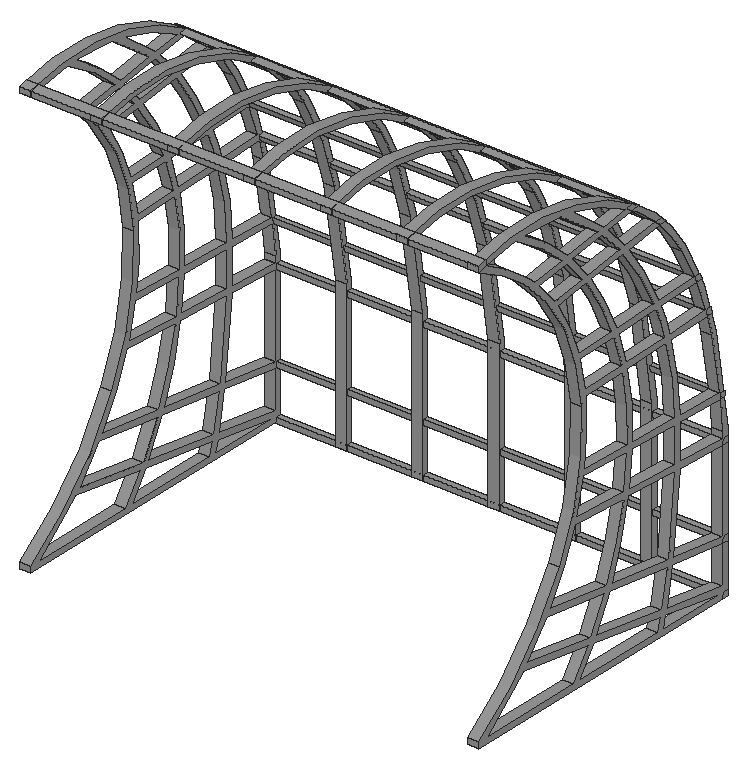
Revit family "Шпалера-навес для скамейки «Сидней» Арт 15189", category Антураж, Revit 2018
Family settings
  На основе рабочей плоскости = Нет
  Всегда вертикально = Да
  При загрузке вырезать с полостями = Нет
  Источник визуального образа = Геометрия семейства
  Общий = Нет
  Точка расчета площади = Нет
Parameters (values of type "Стандарт")
  Ширина = 1410 mm  # constant formula
  Цвет каркаса = Сталь
  Описание = "Шпалера-навес для скамейки «Сидней»"  # constant formula
  Материал изделия = "Сталь"  # constant formula
  Изображение типоразмера = Шпалера-навес для скамейки «Сидней» Арт 15189.jpg
  Изготовитель = "ООО «Хоббика»"  # constant formula
  Длина = 2080 mm  # constant formula
  Группа модели = "Садовые скамейки"  # constant formula
  Высота = 2000 mm  # constant formula
  Артикул товара = "Арт. 15189"  # constant formula
  URL = "https://hobbyka.ru/product/pergolanaves_dlya_skameyki_sidney/"
Reference planes
  plane 1 "По центру (Вперед/Назад)": y = 0
  plane 2: z = 0
  plane 3 "По центру (Влево/Вправо)": x = 0
  plane 4: x = 2080
  plane 5: y = 1410
  plane 6: z = 2000
Forms (mm)
  Extrusion 1, solid, material "Сталь" <- "Цвет каркаса"
    sketch origin (0, 0, 0) x (0, 1, 0) y (0, 0, 1)
      loop
        line (1410, 0) -> (1410, 680)
        arc (1410, 680) -> (1383.68, 893.648) -> (1343.256, 1105.081) r 3245.825
        arc (1343.256, 1105.081) -> (1275.145, 1322.929) -> (1172.81, 1526.949) r 1411.368
        arc (1172.81, 1526.949) -> (1050.321, 1686.173) -> (896.071, 1814.871) r 916.103
        arc (896.071, 1814.871) -> (463.472, 1983.295) -> (0, 1956.795) r 1091.984
        line (0, 1956.795) -> (0, 1930.822)
        arc (0, 1930.822) -> (133.655, 1861.148) -> (256.12, 1773.282) r 1063.725
        arc (256.12, 1773.282) -> (485.63, 1486.186) -> (582.994, 1131.757) r 910.914
        arc (582.994, 1131.757) -> (561.6, 825.297) -> (459.447, 535.571) r 1144.295
        arc (459.447, 535.571) -> (262.985, 250.354) -> (0, 25) r 1340.286
        line (0, 25) -> (0, 0) -> (1410, 0)
      loop
        arc (882.256, 1794.035) -> (875.953, 1798.182) -> (869.62, 1802.285) r 1066.984
        line (869.62, 1802.285) -> (730.804, 1782.775)
        arc (730.804, 1782.775) -> (781.489, 1730.403) -> (829.238, 1675.341) r 1333.835
        line (829.238, 1675.341) -> (1004.186, 1696.822)
        arc (1004.186, 1696.822) -> (945.352, 1748.101) -> (882.256, 1794.035) r 891.103
      loop
        arc (1151.443, 1513.97) -> (1093.755, 1597.757) -> (1026.893, 1674.422) r 891.103
        line (1026.893, 1674.422) -> (847.631, 1652.412)
        arc (847.631, 1652.412) -> (941.163, 1516.622) -> (1017.227, 1370.329) r 1333.835
        line (1017.227, 1370.329) -> (1224.218, 1377.558)
        arc (1224.218, 1377.558) -> (1189.734, 1446.779) -> (1151.443, 1513.97) r 1386.368
      loop
        arc (1318.87, 1099.574) -> (1307.959, 1144.409) -> (1295.563, 1188.855) r 1386.368
        line (1295.563, 1188.855) -> (1085.988, 1181.537)
        arc (1085.988, 1181.537) -> (1124.713, 1018.402) -> (1137.016, 851.186) r 1051.576
        line (1137.016, 851.186) -> (1365.947, 843.191)
        arc (1365.947, 843.191) -> (1345.003, 971.859) -> (1318.87, 1099.574) r 3220.825
      loop
        line (1385, 50.312) -> (1385, 225) -> (1094.963, 265.762)
        arc (1094.963, 265.762) -> (1082.173, 182.933) -> (1063.462, 101.238) r 1165.227
        line (1063.462, 101.238) -> (1385, 50.312)
      loop
        line (1385, 25) -> (1056.702, 76.997)
        arc (1056.702, 76.997) -> (1048.79, 50.902) -> (1040.268, 25) r 1165.227
        line (1040.268, 25) -> (1385, 25)
      loop
        arc (272.097, 1792.511) -> (296.21, 1771.775) -> (319.604, 1750.231) r 935.914
        line (319.604, 1750.231) -> (475.585, 1772.152)
        arc (475.585, 1772.152) -> (348.417, 1879.424) -> (207.815, 1968.362) r 1217.786
        arc (207.815, 1968.362) -> (122.493, 1958.085) -> (38.275, 1940.974) r 1066.984
        arc (38.275, 1940.974) -> (159.926, 1874.209) -> (272.097, 1792.511) r 1088.725
      loop
        arc (481.695, 524.169) -> (443.762, 455.138) -> (401.912, 388.41) r 1365.286
        line (401.912, 388.41) -> (726.182, 342.837)
        arc (726.182, 342.837) -> (781.808, 496.062) -> (819.594, 654.632) r 1426.867
        line (819.594, 654.632) -> (544.008, 669.075)
        arc (544.008, 669.075) -> (515.298, 595.57) -> (481.695, 524.169) r 1169.295
      loop
        arc (607.941, 1133.38) -> (609.059, 1001.384) -> (595.293, 870.103) r 1169.295
        line (595.293, 870.103) -> (842.148, 861.483)
        arc (842.148, 861.483) -> (840.574, 1017.829) -> (814.975, 1172.073) r 1013.691
        line (814.975, 1172.073) -> (605.37, 1164.753)
        arc (605.37, 1164.753) -> (606.787, 1149.077) -> (607.941, 1133.38) r 935.914
      loop
        line (1385, 625) -> (1136.56, 638.02)
        arc (1136.56, 638.02) -> (1126.243, 463.323) -> (1100.052, 290.292) r 1918.646
        line (1100.052, 290.292) -> (1385, 250.246) -> (1385, 625)
      loop
        line (1369.417, 818.055) -> (1136.575, 826.186) -> (1136.575, 663.054) -> (1385, 650.034) -> (1385, 678.879)
        arc (1385, 678.879) -> (1377.965, 748.552) -> (1369.417, 818.055) r 3220.825
      loop
        line (1235.35, 1352.931) -> (1028.873, 1345.721)
        arc (1028.873, 1345.721) -> (1058.795, 1277.623) -> (1080.057, 1206.345) r 599.766
        line (1080.057, 1206.345) -> (1287.961, 1213.605)
        arc (1287.961, 1213.605) -> (1263.528, 1283.975) -> (1235.35, 1352.931) r 1386.368
      loop
        arc (445.143, 1602.992) -> (515.011, 1483.293) -> (566.435, 1354.587) r 935.914
        line (566.435, 1354.587) -> (754.545, 1361.156)
        arc (754.545, 1361.156) -> (688.666, 1496.568) -> (606.578, 1622.814) r 1217.786
        line (606.578, 1622.814) -> (445.143, 1602.992)
      loop
        line (428.686, 1626.159) -> (589.056, 1645.85)
        arc (589.056, 1645.85) -> (544.936, 1699.241) -> (497.853, 1750.036) r 1217.786
        line (497.853, 1750.036) -> (342.026, 1728.136)
        arc (342.026, 1728.136) -> (387.181, 1678.699) -> (428.686, 1626.159) r 935.914
      loop
        arc (836.303, 1822.848) -> (687.209, 1896.106) -> (528.55, 1945.335) r 1066.984
        arc (528.55, 1945.335) -> (621.163, 1878.891) -> (707.764, 1804.783) r 1333.835
        line (707.764, 1804.783) -> (836.303, 1822.848)
      loop
        line (602.568, 1189.67) -> (808.952, 1196.877)
        arc (808.952, 1196.877) -> (788.778, 1267.352) -> (764.4, 1336.485) r 1217.786
        line (764.4, 1336.485) -> (573.882, 1329.832)
        arc (573.882, 1329.832) -> (590.907, 1260.3) -> (602.568, 1189.67) r 935.914
      loop
        arc (590.98, 845.238) -> (574.209, 768.808) -> (552.364, 693.671) r 1169.295
        line (552.364, 693.671) -> (823.802, 679.445)
        arc (823.802, 679.445) -> (834.157, 757.765) -> (840.162, 836.537) r 1426.867
        line (840.162, 836.537) -> (590.98, 845.238)
      loop
        arc (386.179, 365.375) -> (332.759, 293.943) -> (274.788, 226.152) r 1365.286
        line (274.788, 226.152) -> (636.902, 168.799)
        arc (636.902, 168.799) -> (678.547, 242.757) -> (715.721, 319.061) r 1426.867
        line (715.721, 319.061) -> (386.179, 365.375)
      loop
        arc (254.197, 204.102) -> (154.006, 109.253) -> (44.754, 25) r 1365.286
        line (44.754, 25) -> (537.712, 25)
        arc (537.712, 25) -> (581.767, 84.269) -> (622.697, 145.737) r 1426.867
        line (622.697, 145.737) -> (254.197, 204.102)
      loop
        arc (254.104, 1971.043) -> (386.708, 1881.928) -> (506.784, 1776.537) r 1242.786
        line (506.784, 1776.537) -> (675.708, 1800.278)
        arc (675.708, 1800.278) -> (571.786, 1884.963) -> (459.746, 1958.574) r 1308.835
        arc (459.746, 1958.574) -> (357.227, 1969.783) -> (254.104, 1971.043) r 1066.984
      loop
        arc (790.816, 1337.408) -> (814.718, 1268.232) -> (834.506, 1197.77) r 1242.786
        line (834.506, 1197.77) -> (1054.579, 1205.455)
        arc (1054.579, 1205.455) -> (1032.382, 1276.845) -> (1001.108, 1344.751) r 574.766
        line (1001.108, 1344.751) -> (790.816, 1337.408)
      loop
        arc (840.49, 1172.964) -> (865.67, 1017.798) -> (867.146, 860.61) r 1038.691
        line (867.146, 860.61) -> (1112.021, 852.058)
        arc (1112.021, 852.058) -> (1099.399, 1018.465) -> (1059.981, 1180.628) r 1026.576
        line (1059.981, 1180.628) -> (840.49, 1172.964)
      loop
        arc (865.149, 835.664) -> (859.178, 756.675) -> (848.908, 678.13) r 1451.867
        line (848.908, 678.13) -> (1111.575, 664.364) -> (1111.575, 827.059) -> (865.149, 835.664)
      loop
        arc (844.751, 653.313) -> (807.172, 493.644) -> (751.823, 339.233) r 1451.867
        line (751.823, 339.233) -> (1075.256, 293.777)
        arc (1075.256, 293.777) -> (1101.358, 465.719) -> (1111.575, 639.33) r 1893.646
        line (1111.575, 639.33) -> (844.751, 653.313)
      loop
        arc (741.492, 315.439) -> (704.709, 238.871) -> (663.512, 164.584) r 1451.867
        line (663.512, 164.584) -> (1038.632, 105.171)
        arc (1038.632, 105.171) -> (1057.426, 186.628) -> (1070.2, 269.242) r 1140.227
        line (1070.2, 269.242) -> (741.492, 315.439)
      loop
        arc (649.514, 141.49) -> (610.835, 82.268) -> (569.317, 25) r 1451.867
        line (569.317, 25) -> (1013.813, 25)
        arc (1013.813, 25) -> (1023.172, 52.854) -> (1031.81, 80.94) r 1140.227
        line (1031.81, 80.94) -> (649.514, 141.49)
      loop
        arc (635.018, 1626.306) -> (716.145, 1498.651) -> (781.164, 1362.086) r 1242.786
        line (781.164, 1362.086) -> (990.252, 1369.387)
        arc (990.252, 1369.387) -> (913.189, 1514.514) -> (818.549, 1648.841) r 1308.835
        line (818.549, 1648.841) -> (635.018, 1626.306)
      loop
        line (617.882, 1649.39) -> (799.747, 1671.72)
        arc (799.747, 1671.72) -> (751.049, 1726.444) -> (699.366, 1778.357) r 1308.835
        line (699.366, 1778.357) -> (528.466, 1754.339)
        arc (528.466, 1754.339) -> (574.631, 1703.105) -> (617.882, 1649.39) r 1242.786
    from 0 to 50
  Extrusion 2, solid, material "Сталь" <- "Цвет каркаса"
    sketch origin (0, 0, 0) x (0, 1, 0) y (0, 0, 1)
      loop
        line (1410, 0) -> (1410, 680)
        arc (1410, 680) -> (1383.68, 893.648) -> (1343.256, 1105.081) r 3245.825
        arc (1343.256, 1105.081) -> (1275.145, 1322.929) -> (1172.81, 1526.949) r 1411.368
        arc (1172.81, 1526.949) -> (1050.321, 1686.173) -> (896.071, 1814.871) r 916.103
        arc (896.071, 1814.871) -> (463.472, 1983.295) -> (0, 1956.795) r 1091.984
        line (0, 1956.795) -> (0, 1930.822)
        arc (0, 1930.822) -> (456.123, 1959.142) -> (882.256, 1794.035) r 1066.984
        arc (882.256, 1794.035) -> (1032.296, 1668.849) -> (1151.443, 1513.97) r 891.103
        arc (1151.443, 1513.97) -> (1251.966, 1313.564) -> (1318.87, 1099.574) r 1386.368
        arc (1318.87, 1099.574) -> (1358.896, 890.321) -> (1385, 678.879) r 3220.825
        line (1385, 678.879) -> (1385, 0) -> (1410, 0)
    from 321.667 to 371.667
  Extrusion 3, solid, material "Сталь" <- "Цвет каркаса"
    sketch origin (0, 0, 0) x (0, 1, 0) y (0, 0, 1)
      loop
        line (1410, 0) -> (1410, 680)
        arc (1410, 680) -> (1383.68, 893.648) -> (1343.256, 1105.081) r 3245.825
        arc (1343.256, 1105.081) -> (1275.145, 1322.929) -> (1172.81, 1526.949) r 1411.368
        arc (1172.81, 1526.949) -> (1050.321, 1686.173) -> (896.071, 1814.871) r 916.103
        arc (896.071, 1814.871) -> (463.472, 1983.295) -> (0, 1956.795) r 1091.984
        line (0, 1956.795) -> (0, 1930.822)
        arc (0, 1930.822) -> (456.123, 1959.142) -> (882.256, 1794.035) r 1066.984
        arc (882.256, 1794.035) -> (1032.296, 1668.849) -> (1151.443, 1513.97) r 891.103
        arc (1151.443, 1513.97) -> (1251.966, 1313.564) -> (1318.87, 1099.574) r 1386.368
        arc (1318.87, 1099.574) -> (1358.896, 890.321) -> (1385, 678.879) r 3220.825
        line (1385, 678.879) -> (1385, 0) -> (1410, 0)
    from 1708.333 to 1758.333
  Extrusion 4, solid, material "Сталь" <- "Цвет каркаса"
    sketch origin (0, 0, 0) x (0, 1, 0) y (0, 0, 1)
      loop
        line (1410, 0) -> (1410, 680)
        arc (1410, 680) -> (1383.68, 893.648) -> (1343.256, 1105.081) r 3245.825
        arc (1343.256, 1105.081) -> (1275.145, 1322.929) -> (1172.81, 1526.949) r 1411.368
        arc (1172.81, 1526.949) -> (1050.321, 1686.173) -> (896.071, 1814.871) r 916.103
        arc (896.071, 1814.871) -> (463.472, 1983.295) -> (0, 1956.795) r 1091.984
        line (0, 1956.795) -> (0, 1930.822)
        arc (0, 1930.822) -> (456.123, 1959.142) -> (882.256, 1794.035) r 1066.984
        arc (882.256, 1794.035) -> (1032.296, 1668.849) -> (1151.443, 1513.97) r 891.103
        arc (1151.443, 1513.97) -> (1251.966, 1313.564) -> (1318.87, 1099.574) r 1386.368
        arc (1318.87, 1099.574) -> (1358.896, 890.321) -> (1385, 678.879) r 3220.825
        line (1385, 678.879) -> (1385, 0) -> (1410, 0)
    from 1361.667 to 1411.667
  Extrusion 5, solid, material "Сталь" <- "Цвет каркаса"
    sketch origin (0, 0, 0) x (0, 1, 0) y (0, 0, 1)
      loop
        line (1410, 0) -> (1410, 680)
        arc (1410, 680) -> (1383.68, 893.648) -> (1343.256, 1105.081) r 3245.825
        arc (1343.256, 1105.081) -> (1275.145, 1322.929) -> (1172.81, 1526.949) r 1411.368
        arc (1172.81, 1526.949) -> (1050.321, 1686.173) -> (896.071, 1814.871) r 916.103
        arc (896.071, 1814.871) -> (463.472, 1983.295) -> (0, 1956.795) r 1091.984
        line (0, 1956.795) -> (0, 1930.822)
        arc (0, 1930.822) -> (456.123, 1959.142) -> (882.256, 1794.035) r 1066.984
        arc (882.256, 1794.035) -> (1032.296, 1668.849) -> (1151.443, 1513.97) r 891.103
        arc (1151.443, 1513.97) -> (1251.966, 1313.564) -> (1318.87, 1099.574) r 1386.368
        arc (1318.87, 1099.574) -> (1358.896, 890.321) -> (1385, 678.879) r 3220.825
        line (1385, 678.879) -> (1385, 0) -> (1410, 0)
    from 1015 to 1065
  Extrusion 6, solid, material "Сталь" <- "Цвет каркаса"
    sketch origin (0, 0, 0) x (0, 1, 0) y (0, 0, 1)
      loop
        line (1410, 0) -> (1410, 680)
        arc (1410, 680) -> (1383.68, 893.648) -> (1343.256, 1105.081) r 3245.825
        arc (1343.256, 1105.081) -> (1275.145, 1322.929) -> (1172.81, 1526.949) r 1411.368
        arc (1172.81, 1526.949) -> (1050.321, 1686.173) -> (896.071, 1814.871) r 916.103
        arc (896.071, 1814.871) -> (463.472, 1983.295) -> (0, 1956.795) r 1091.984
        line (0, 1956.795) -> (0, 1930.822)
        arc (0, 1930.822) -> (456.123, 1959.142) -> (882.256, 1794.035) r 1066.984
        arc (882.256, 1794.035) -> (1032.296, 1668.849) -> (1151.443, 1513.97) r 891.103
        arc (1151.443, 1513.97) -> (1251.966, 1313.564) -> (1318.87, 1099.574) r 1386.368
        arc (1318.87, 1099.574) -> (1358.896, 890.321) -> (1385, 678.879) r 3220.825
        line (1385, 678.879) -> (1385, 0) -> (1410, 0)
    from 668.333 to 718.333
  Extrusion 7, solid, material "Сталь" <- "Цвет каркаса"
    sketch origin (0, 0, 0) x (0, 1, 0) y (0, 0, 1)
      loop
        line (1410, 0) -> (1410, 680)
        arc (1410, 680) -> (1383.68, 893.648) -> (1343.256, 1105.081) r 3245.825
        arc (1343.256, 1105.081) -> (1275.145, 1322.929) -> (1172.81, 1526.949) r 1411.368
        arc (1172.81, 1526.949) -> (1050.321, 1686.173) -> (896.071, 1814.871) r 916.103
        arc (896.071, 1814.871) -> (463.472, 1983.295) -> (0, 1956.795) r 1091.984
        line (0, 1956.795) -> (0, 1930.822)
        arc (0, 1930.822) -> (133.655, 1861.148) -> (256.12, 1773.282) r 1063.725
        arc (256.12, 1773.282) -> (485.63, 1486.186) -> (582.994, 1131.757) r 910.914
        arc (582.994, 1131.757) -> (561.6, 825.297) -> (459.447, 535.571) r 1144.295
        arc (459.447, 535.571) -> (262.985, 250.354) -> (0, 25) r 1340.286
        line (0, 25) -> (0, 0) -> (1410, 0)
      loop
        arc (882.256, 1794.035) -> (875.953, 1798.182) -> (869.62, 1802.285) r 1066.984
        line (869.62, 1802.285) -> (730.804, 1782.775)
        arc (730.804, 1782.775) -> (781.489, 1730.403) -> (829.238, 1675.341) r 1333.835
        line (829.238, 1675.341) -> (1004.186, 1696.822)
        arc (1004.186, 1696.822) -> (945.352, 1748.101) -> (882.256, 1794.035) r 891.103
      loop
        arc (1151.443, 1513.97) -> (1093.755, 1597.757) -> (1026.893, 1674.422) r 891.103
        line (1026.893, 1674.422) -> (847.631, 1652.412)
        arc (847.631, 1652.412) -> (941.163, 1516.622) -> (1017.227, 1370.329) r 1333.835
        line (1017.227, 1370.329) -> (1224.218, 1377.558)
        arc (1224.218, 1377.558) -> (1189.734, 1446.779) -> (1151.443, 1513.97) r 1386.368
      loop
        arc (1318.87, 1099.574) -> (1307.959, 1144.409) -> (1295.563, 1188.855) r 1386.368
        line (1295.563, 1188.855) -> (1085.988, 1181.537)
        arc (1085.988, 1181.537) -> (1124.713, 1018.402) -> (1137.016, 851.186) r 1051.576
        line (1137.016, 851.186) -> (1365.947, 843.191)
        arc (1365.947, 843.191) -> (1345.003, 971.859) -> (1318.87, 1099.574) r 3220.825
      loop
        line (1385, 50.312) -> (1385, 225) -> (1094.963, 265.762)
        arc (1094.963, 265.762) -> (1082.173, 182.933) -> (1063.462, 101.238) r 1165.227
        line (1063.462, 101.238) -> (1385, 50.312)
      loop
        line (1385, 25) -> (1056.702, 76.997)
        arc (1056.702, 76.997) -> (1048.79, 50.902) -> (1040.268, 25) r 1165.227
        line (1040.268, 25) -> (1385, 25)
      loop
        arc (272.097, 1792.511) -> (296.21, 1771.775) -> (319.604, 1750.231) r 935.914
        line (319.604, 1750.231) -> (475.585, 1772.152)
        arc (475.585, 1772.152) -> (348.417, 1879.424) -> (207.815, 1968.362) r 1217.786
        arc (207.815, 1968.362) -> (122.493, 1958.085) -> (38.275, 1940.974) r 1066.984
        arc (38.275, 1940.974) -> (159.926, 1874.209) -> (272.097, 1792.511) r 1088.725
      loop
        arc (481.695, 524.169) -> (443.762, 455.138) -> (401.912, 388.41) r 1365.286
        line (401.912, 388.41) -> (726.182, 342.837)
        arc (726.182, 342.837) -> (781.808, 496.062) -> (819.594, 654.632) r 1426.867
        line (819.594, 654.632) -> (544.008, 669.075)
        arc (544.008, 669.075) -> (515.298, 595.57) -> (481.695, 524.169) r 1169.295
      loop
        arc (607.941, 1133.38) -> (609.059, 1001.384) -> (595.293, 870.103) r 1169.295
        line (595.293, 870.103) -> (842.148, 861.483)
        arc (842.148, 861.483) -> (840.574, 1017.829) -> (814.975, 1172.073) r 1013.691
        line (814.975, 1172.073) -> (605.37, 1164.753)
        arc (605.37, 1164.753) -> (606.787, 1149.077) -> (607.941, 1133.38) r 935.914
      loop
        line (1385, 625) -> (1136.56, 638.02)
        arc (1136.56, 638.02) -> (1126.243, 463.323) -> (1100.052, 290.292) r 1918.646
        line (1100.052, 290.292) -> (1385, 250.246) -> (1385, 625)
      loop
        line (1369.417, 818.055) -> (1136.575, 826.186) -> (1136.575, 663.054) -> (1385, 650.034) -> (1385, 678.879)
        arc (1385, 678.879) -> (1377.965, 748.552) -> (1369.417, 818.055) r 3220.825
      loop
        line (1235.35, 1352.931) -> (1028.873, 1345.721)
        arc (1028.873, 1345.721) -> (1058.795, 1277.623) -> (1080.057, 1206.345) r 599.766
        line (1080.057, 1206.345) -> (1287.961, 1213.605)
        arc (1287.961, 1213.605) -> (1263.528, 1283.975) -> (1235.35, 1352.931) r 1386.368
      loop
        arc (445.143, 1602.992) -> (515.011, 1483.293) -> (566.435, 1354.587) r 935.914
        line (566.435, 1354.587) -> (754.545, 1361.156)
        arc (754.545, 1361.156) -> (688.666, 1496.568) -> (606.578, 1622.814) r 1217.786
        line (606.578, 1622.814) -> (445.143, 1602.992)
      loop
        line (428.686, 1626.159) -> (589.056, 1645.85)
        arc (589.056, 1645.85) -> (544.936, 1699.241) -> (497.853, 1750.036) r 1217.786
        line (497.853, 1750.036) -> (342.026, 1728.136)
        arc (342.026, 1728.136) -> (387.181, 1678.699) -> (428.686, 1626.159) r 935.914
      loop
        arc (836.303, 1822.848) -> (687.209, 1896.106) -> (528.55, 1945.335) r 1066.984
        arc (528.55, 1945.335) -> (621.163, 1878.891) -> (707.764, 1804.783) r 1333.835
        line (707.764, 1804.783) -> (836.303, 1822.848)
      loop
        line (602.568, 1189.67) -> (808.952, 1196.877)
        arc (808.952, 1196.877) -> (788.778, 1267.352) -> (764.4, 1336.485) r 1217.786
        line (764.4, 1336.485) -> (573.882, 1329.832)
        arc (573.882, 1329.832) -> (590.907, 1260.3) -> (602.568, 1189.67) r 935.914
      loop
        arc (590.98, 845.238) -> (574.209, 768.808) -> (552.364, 693.671) r 1169.295
        line (552.364, 693.671) -> (823.802, 679.445)
        arc (823.802, 679.445) -> (834.157, 757.765) -> (840.162, 836.537) r 1426.867
        line (840.162, 836.537) -> (590.98, 845.238)
      loop
        arc (386.179, 365.375) -> (332.759, 293.943) -> (274.788, 226.152) r 1365.286
        line (274.788, 226.152) -> (636.902, 168.799)
        arc (636.902, 168.799) -> (678.547, 242.757) -> (715.721, 319.061) r 1426.867
        line (715.721, 319.061) -> (386.179, 365.375)
      loop
        arc (254.197, 204.102) -> (154.006, 109.253) -> (44.754, 25) r 1365.286
        line (44.754, 25) -> (537.712, 25)
        arc (537.712, 25) -> (581.767, 84.269) -> (622.697, 145.737) r 1426.867
        line (622.697, 145.737) -> (254.197, 204.102)
      loop
        arc (254.104, 1971.043) -> (386.708, 1881.928) -> (506.784, 1776.537) r 1242.786
        line (506.784, 1776.537) -> (675.708, 1800.278)
        arc (675.708, 1800.278) -> (571.786, 1884.963) -> (459.746, 1958.574) r 1308.835
        arc (459.746, 1958.574) -> (357.227, 1969.783) -> (254.104, 1971.043) r 1066.984
      loop
        arc (790.816, 1337.408) -> (814.718, 1268.232) -> (834.506, 1197.77) r 1242.786
        line (834.506, 1197.77) -> (1054.579, 1205.455)
        arc (1054.579, 1205.455) -> (1032.382, 1276.845) -> (1001.108, 1344.751) r 574.766
        line (1001.108, 1344.751) -> (790.816, 1337.408)
      loop
        arc (840.49, 1172.964) -> (865.67, 1017.798) -> (867.146, 860.61) r 1038.691
        line (867.146, 860.61) -> (1112.021, 852.058)
        arc (1112.021, 852.058) -> (1099.399, 1018.465) -> (1059.981, 1180.628) r 1026.576
        line (1059.981, 1180.628) -> (840.49, 1172.964)
      loop
        arc (865.149, 835.664) -> (859.178, 756.675) -> (848.908, 678.13) r 1451.867
        line (848.908, 678.13) -> (1111.575, 664.364) -> (1111.575, 827.059) -> (865.149, 835.664)
      loop
        arc (844.751, 653.313) -> (807.172, 493.644) -> (751.823, 339.233) r 1451.867
        line (751.823, 339.233) -> (1075.256, 293.777)
        arc (1075.256, 293.777) -> (1101.358, 465.719) -> (1111.575, 639.33) r 1893.646
        line (1111.575, 639.33) -> (844.751, 653.313)
      loop
        arc (741.492, 315.439) -> (704.709, 238.871) -> (663.512, 164.584) r 1451.867
        line (663.512, 164.584) -> (1038.632, 105.171)
        arc (1038.632, 105.171) -> (1057.426, 186.628) -> (1070.2, 269.242) r 1140.227
        line (1070.2, 269.242) -> (741.492, 315.439)
      loop
        arc (649.514, 141.49) -> (610.835, 82.268) -> (569.317, 25) r 1451.867
        line (569.317, 25) -> (1013.813, 25)
        arc (1013.813, 25) -> (1023.172, 52.854) -> (1031.81, 80.94) r 1140.227
        line (1031.81, 80.94) -> (649.514, 141.49)
      loop
        arc (635.018, 1626.306) -> (716.145, 1498.651) -> (781.164, 1362.086) r 1242.786
        line (781.164, 1362.086) -> (990.252, 1369.387)
        arc (990.252, 1369.387) -> (913.189, 1514.514) -> (818.549, 1648.841) r 1308.835
        line (818.549, 1648.841) -> (635.018, 1626.306)
      loop
        line (617.882, 1649.39) -> (799.747, 1671.72)
        arc (799.747, 1671.72) -> (751.049, 1726.444) -> (699.366, 1778.357) r 1308.835
        line (699.366, 1778.357) -> (528.466, 1754.339)
        arc (528.466, 1754.339) -> (574.631, 1703.105) -> (617.882, 1649.39) r 1242.786
    from 2030 to 2080
  Extrusion 8, solid, material "Сталь" <- "Цвет каркаса"
    sketch origin (0, 0, 0) x (0, 1, 0) y (0, 0, 1)
      loop
        line (1410, 0) -> (1410, 25) -> (1385, 25) -> (1385, 0) -> (1410, 0)
      loop
        line (1385, 250.246) -> (1385, 225) -> (1410, 225) -> (1410, 250.246) -> (1385, 250.246)
      loop
        line (1410, 648.724) -> (1385, 650.034) -> (1385, 625) -> (1410, 623.69) -> (1410, 648.724)
      loop
        arc (1365.947, 843.191) -> (1367.707, 830.626) -> (1369.417, 818.055) r 3220.825
        line (1369.417, 818.055) -> (1394.757, 817.17)
        arc (1394.757, 817.17) -> (1393.064, 829.741) -> (1391.321, 842.305) r 3245.825
        line (1391.321, 842.305) -> (1365.947, 843.191)
      loop
        arc (1287.961, 1213.605) -> (1291.82, 1201.248) -> (1295.563, 1188.855) r 1386.368
        line (1295.563, 1188.855) -> (1321.358, 1189.756)
        arc (1321.358, 1189.756) -> (1317.678, 1202.15) -> (1313.885, 1214.51) r 1411.368
        line (1313.885, 1214.51) -> (1287.961, 1213.605)
      loop
        line (1251.295, 1378.503) -> (1224.218, 1377.558)
        arc (1224.218, 1377.558) -> (1229.844, 1365.271) -> (1235.35, 1352.931) r 1386.368
        line (1235.35, 1352.931) -> (1262.215, 1353.869)
        arc (1262.215, 1353.869) -> (1256.814, 1366.212) -> (1251.295, 1378.503) r 1411.368
      loop
        arc (1004.186, 1696.822) -> (1015.64, 1685.724) -> (1026.893, 1674.422) r 891.103
        line (1026.893, 1674.422) -> (1057.869, 1678.226)
        arc (1057.869, 1678.226) -> (1047.038, 1689.571) -> (1036.014, 1700.73) r 916.103
        line (1036.014, 1700.73) -> (1004.186, 1696.822)
      loop
        arc (836.303, 1822.848) -> (853.056, 1812.719) -> (869.62, 1802.285) r 1066.984
        line (869.62, 1802.285) -> (906.989, 1807.537)
        arc (906.989, 1807.537) -> (891.22, 1818.068) -> (875.271, 1828.325) r 1091.984
        line (875.271, 1828.325) -> (836.303, 1822.848)
      loop
        arc (0, 1930.822) -> (19.091, 1936.076) -> (38.275, 1940.974) r 1066.984
        line (38.275, 1940.974) -> (38.275, 1966.699)
        arc (38.275, 1966.699) -> (19.093, 1961.92) -> (0, 1956.795) r 1091.984
        line (0, 1956.795) -> (0, 1930.822)
    from 0 to 2080
Dimensions and locks
  "Длина": plane 3 "По центру (Влево/Вправо)" to plane 4
  "Ширина": plane 5 to plane 1 "По центру (Вперед/Назад)"
  "Высота": plane 6 to plane 2
  aligned and locked: level to plane 2
Automatic sketch dimensions
  Extrusion 1 sketch curve to Extrusion 1 sketch curve = 0 mm  (x267)
  Extrusion 1 sketch curve to plane 1 "По центру (Вперед/Назад)" = 0 mm  (x2)
  Extrusion 1 sketch curve to level = 0 mm
  Extrusion 1 sketch curve to plane 5 = 0 mm
  plane 1 "По центру (Вперед/Назад)" to Extrusion 1 sketch curve = 33.452 mm
  plane 1 "По центру (Вперед/Назад)" to Extrusion 1 sketch curve = 62.264 mm
  plane 1 "По центру (Вперед/Назад)" to Extrusion 1 sketch curve = 169.26 mm
  Extrusion 1 sketch curve to Extrusion 1 sketch curve = 32.71 mm
  Extrusion 1 sketch curve to Extrusion 1 sketch curve = 156.74 mm
  Extrusion 1 sketch curve to Extrusion 1 sketch curve = 45.367 mm
  Extrusion 1 sketch curve to Extrusion 1 sketch curve = 52.287 mm
  Extrusion 1 sketch curve to Extrusion 1 sketch curve = 135.235 mm
  Extrusion 1 sketch curve to Extrusion 1 sketch curve = 26.146 mm
  Extrusion 1 sketch curve to Extrusion 1 sketch curve = 174.418 mm
  Extrusion 1 sketch curve to Extrusion 1 sketch curve = 196.879 mm
  level to Extrusion 1 sketch curve = 390.174 mm
  Extrusion 1 sketch curve to Extrusion 1 sketch curve = 1040.945 mm
  level to Extrusion 1 sketch curve = 25 mm  (x2)
  Extrusion 1 sketch curve to Extrusion 1 sketch curve = 44.754 mm
  Extrusion 1 sketch curve to plane 1 "По центру (Вперед/Назад)" = 85.462 mm
  level to Extrusion 1 sketch curve = 204.102 mm
  Extrusion 1 sketch curve to plane 1 "По центру (Вперед/Назад)" = 254.197 mm
  Extrusion 1 sketch curve to Extrusion 1 sketch curve = 20.591 mm
  Extrusion 1 sketch curve to Extrusion 1 sketch curve = 207.186 mm
  Extrusion 1 sketch curve to plane 1 "По центру (Вперед/Назад)" = 319.604 mm
  Extrusion 1 sketch curve to Extrusion 1 sketch curve = 22.422 mm
  Extrusion 1 sketch curve to Extrusion 1 sketch curve = 111.391 mm
  Extrusion 1 sketch curve to Extrusion 1 sketch curve = 97.191 mm
  Extrusion 1 sketch curve to Extrusion 1 sketch curve = 15.733 mm
  Extrusion 1 sketch curve to Extrusion 1 sketch curve = 86.66 mm
  Extrusion 1 sketch curve to Extrusion 1 sketch curve = 16.457 mm
  Extrusion 1 sketch curve to plane 6 = 227.848 mm
  Extrusion 1 sketch curve to Extrusion 1 sketch curve = 133.559 mm
  Extrusion 1 sketch curve to Extrusion 1 sketch curve = 105.954 mm
  Extrusion 1 sketch curve to plane 6 = 249.964 mm
  Extrusion 1 sketch curve to Extrusion 1 sketch curve = 22.268 mm
  Extrusion 1 sketch curve to plane 6 = 223.463 mm
  Extrusion 1 sketch curve to Extrusion 1 sketch curve = 8.931 mm
  Extrusion 1 sketch curve to plane 6 = 245.661 mm
  Extrusion 1 sketch curve to Extrusion 1 sketch curve = 30.613 mm
  Extrusion 1 sketch curve to Extrusion 1 sketch curve = 262.924 mm
  Extrusion 1 sketch curve to Extrusion 1 sketch curve = 142.096 mm
  Extrusion 1 sketch curve to Extrusion 1 sketch curve = 8.356 mm
  Extrusion 1 sketch curve to Extrusion 1 sketch curve = 121.293 mm
  Extrusion 1 sketch curve to Extrusion 1 sketch curve = 31.605 mm
  Extrusion 1 sketch curve to Extrusion 1 sketch curve = 7.447 mm
  Extrusion 1 sketch curve to plane 6 = 354.15 mm
  Extrusion 1 sketch curve to Extrusion 1 sketch curve = 60.59 mm
  Extrusion 1 sketch curve to Extrusion 1 sketch curve = 38.616 mm
  Extrusion 1 sketch curve to Extrusion 1 sketch curve = 4.313 mm
  Extrusion 1 sketch curve to Extrusion 1 sketch curve = 28.686 mm
  Extrusion 1 sketch curve to Extrusion 1 sketch curve = 2.802 mm
  Extrusion 1 sketch curve to Extrusion 1 sketch curve = 17.523 mm
  Extrusion 1 sketch curve to plane 6 = 350.61 mm
  level to Extrusion 1 sketch curve = 145.737 mm
  Extrusion 1 sketch curve to Extrusion 1 sketch curve = 53.38 mm
  Extrusion 1 sketch curve to Extrusion 1 sketch curve = 28.44 mm
  level to Extrusion 1 sketch curve = 168.799 mm
  Extrusion 1 sketch curve to Extrusion 1 sketch curve = 14.205 mm
  level to Extrusion 1 sketch curve = 141.49 mm
  Extrusion 1 sketch curve to Extrusion 1 sketch curve = 26.817 mm
  level to Extrusion 1 sketch curve = 164.584 mm
  Extrusion 1 sketch curve to Extrusion 1 sketch curve = 26.61 mm
  Extrusion 1 sketch curve to plane 6 = 199.722 mm
  Extrusion 1 sketch curve to Extrusion 1 sketch curve = 147.242 mm
  Extrusion 1 sketch curve to plane 6 = 221.643 mm
  Extrusion 1 sketch curve to Extrusion 1 sketch curve = 23.658 mm
  Extrusion 1 sketch curve to plane 6 = 195.217 mm
  Extrusion 1 sketch curve to Extrusion 1 sketch curve = 8.399 mm
  level to Extrusion 1 sketch curve = 319.061 mm
  Extrusion 1 sketch curve to Extrusion 1 sketch curve = 10.461 mm
  Extrusion 1 sketch curve to plane 6 = 217.225 mm
  Extrusion 1 sketch curve to Extrusion 1 sketch curve = 31.438 mm
  level to Extrusion 1 sketch curve = 315.439 mm
  Extrusion 1 sketch curve to Extrusion 1 sketch curve = 25.641 mm
  Extrusion 1 sketch curve to Extrusion 1 sketch curve = 180.664 mm
  Extrusion 1 sketch curve to Extrusion 1 sketch curve = 9.855 mm
  Extrusion 1 sketch curve to Extrusion 1 sketch curve = 26.619 mm
  Extrusion 1 sketch curve to Extrusion 1 sketch curve = 26.416 mm
  Extrusion 1 sketch curve to plane 6 = 328.28 mm
  Extrusion 1 sketch curve to Extrusion 1 sketch curve = 68.943 mm
  Extrusion 1 sketch curve to Extrusion 1 sketch curve = 18.136 mm
  Extrusion 1 sketch curve to Extrusion 1 sketch curve = 6.023 mm
  Extrusion 1 sketch curve to Extrusion 1 sketch curve = 18.802 mm
  Extrusion 1 sketch curve to Extrusion 1 sketch curve = 267.23 mm
  Extrusion 1 sketch curve to Extrusion 1 sketch curve = 4.207 mm
  Extrusion 1 sketch curve to plane 6 = 324.659 mm
  Extrusion 1 sketch curve to Extrusion 1 sketch curve = 25.555 mm
  Extrusion 1 sketch curve to plane 6 = 177.152 mm
  Extrusion 1 sketch curve to Extrusion 1 sketch curve = 105.499 mm
  Extrusion 1 sketch curve to Extrusion 1 sketch curve = 16.36 mm
  Extrusion 1 sketch curve to Extrusion 1 sketch curve = 5.984 mm
  Extrusion 1 sketch curve to Extrusion 1 sketch curve = 1.987 mm
  Extrusion 1 sketch curve to Extrusion 1 sketch curve = 25.157 mm
  Extrusion 1 sketch curve to Extrusion 1 sketch curve = 29.081 mm
  Extrusion 1 sketch curve to Extrusion 1 sketch curve = 25.106 mm
  Extrusion 1 sketch curve to Extrusion 1 sketch curve = 24.987 mm
  Extrusion 1 sketch curve to Extrusion 1 sketch curve = 24.997 mm
  Extrusion 1 sketch curve to plane 6 = 197.715 mm
  Extrusion 1 sketch curve to Extrusion 1 sketch curve = 33.316 mm
  Extrusion 1 sketch curve to Extrusion 1 sketch curve = 199.436 mm
  Extrusion 1 sketch curve to Extrusion 1 sketch curve = 10.856 mm
  Extrusion 1 sketch curve to Extrusion 1 sketch curve = 156.556 mm
  Extrusion 1 sketch curve to Extrusion 1 sketch curve = 350.301 mm
  Extrusion 1 sketch curve to Extrusion 1 sketch curve = 26.975 mm
  Extrusion 1 sketch curve to Extrusion 1 sketch curve = 22.707 mm
  Extrusion 1 sketch curve to Extrusion 1 sketch curve = 11.646 mm
  level to Extrusion 1 sketch curve = 80.94 mm
  Extrusion 1 sketch curve to Extrusion 1 sketch curve = 17.997 mm
  level to Extrusion 1 sketch curve = 105.171 mm
  Extrusion 1 sketch curve to Extrusion 1 sketch curve = 6.822 mm
  Extrusion 1 sketch curve to Extrusion 1 sketch curve = 26.456 mm
  Extrusion 1 sketch curve to Extrusion 1 sketch curve = 25.706 mm
  level to Extrusion 1 sketch curve = 76.997 mm
  Extrusion 1 sketch curve to Extrusion 1 sketch curve = 24.893 mm
  Extrusion 1 sketch curve to Extrusion 1 sketch curve = 5.402 mm
  level to Extrusion 1 sketch curve = 101.238 mm
  Extrusion 1 sketch curve to Extrusion 1 sketch curve = 24.829 mm
  level to Extrusion 1 sketch curve = 269.242 mm
  Extrusion 1 sketch curve to Extrusion 1 sketch curve = 5.055 mm
  Extrusion 1 sketch curve to Extrusion 1 sketch curve = 25.478 mm
  Extrusion 1 sketch curve to Extrusion 1 sketch curve = 5.932 mm
  level to Extrusion 1 sketch curve = 265.762 mm
  Extrusion 1 sketch curve to Extrusion 1 sketch curve = 24.796 mm
  Extrusion 1 sketch curve to Extrusion 1 sketch curve = 262.667 mm
  Extrusion 1 sketch curve to Extrusion 1 sketch curve = 0.446 mm
  Extrusion 1 sketch curve to Extrusion 1 sketch curve = 24.985 mm
  Extrusion 1 sketch curve to Extrusion 1 sketch curve = 25 mm  (x3)
  Extrusion 1 sketch curve to Extrusion 1 sketch curve = 0.441 mm
  Extrusion 1 sketch curve to plane 5 = 185.782 mm
  Extrusion 1 sketch curve to Extrusion 1 sketch curve = 11.132 mm
  Extrusion 1 sketch curve to plane 5 = 122.039 mm
  Extrusion 1 sketch curve to Extrusion 1 sketch curve = 7.601 mm
  Extrusion 1 sketch curve to plane 5 = 44.053 mm
  Extrusion 1 sketch curve to Extrusion 1 sketch curve = 3.47 mm
  Extrusion 1 sketch curve to plane 5 = 25 mm  (x4)
  Extrusion 1 sketch curve to Extrusion 1 sketch curve = 25.312 mm
  Extrusion 1 sketch curve to Extrusion 1 sketch curve = 174.688 mm
  Extrusion 1 sketch curve to Extrusion 1 sketch curve = 22.05 mm
  Extrusion 1 sketch curve to Extrusion 1 sketch curve = 25.246 mm
  Extrusion 1 sketch curve to Extrusion 1 sketch curve = 24.531 mm
  Extrusion 1 sketch curve to Extrusion 1 sketch curve = 3.485 mm
  Extrusion 1 sketch curve to Extrusion 1 sketch curve = 23.794 mm
  Extrusion 1 sketch curve to Extrusion 1 sketch curve = 3.604 mm
  Extrusion 1 sketch curve to Extrusion 1 sketch curve = 23.035 mm
  Extrusion 1 sketch curve to Extrusion 1 sketch curve = 374.754 mm
  Extrusion 1 sketch curve to Extrusion 1 sketch curve = 13.02 mm
  Extrusion 1 sketch curve to Extrusion 1 sketch curve = 25.034 mm  (x3)
  Extrusion 1 sketch curve to Extrusion 1 sketch curve = 14.443 mm
  Extrusion 1 sketch curve to Extrusion 1 sketch curve = 24.816 mm
  Extrusion 1 sketch curve to Extrusion 1 sketch curve = 28.845 mm
  Extrusion 1 sketch curve to Extrusion 1 sketch curve = 1.316 mm
  Extrusion 1 sketch curve to Extrusion 1 sketch curve = 1.121 mm
  Extrusion 1 sketch curve to Extrusion 1 sketch curve = 24.596 mm
  Extrusion 1 sketch curve to Extrusion 1 sketch curve = 35.113 mm
  Extrusion 1 sketch curve to Extrusion 1 sketch curve = 163.132 mm
  Extrusion 1 sketch curve to Extrusion 1 sketch curve = 0.873 mm  (x2)
  Extrusion 1 sketch curve to Extrusion 1 sketch curve = 25.136 mm
  Extrusion 1 sketch curve to Extrusion 1 sketch curve = 151.567 mm
  Extrusion 1 sketch curve to Extrusion 1 sketch curve = 63.652 mm
  Extrusion 1 sketch curve to Extrusion 1 sketch curve = 24.945 mm
  Extrusion 1 sketch curve to Extrusion 1 sketch curve = 24.865 mm
  Extrusion 1 sketch curve to Extrusion 1 sketch curve = 46.882 mm
  Extrusion 1 sketch curve to Extrusion 1 sketch curve = 100.145 mm
  Extrusion 1 sketch curve to Extrusion 1 sketch curve = 57.98 mm
  Extrusion 1 sketch curve to Extrusion 1 sketch curve = 146.589 mm
  Extrusion 1 sketch curve to Extrusion 1 sketch curve = 19.524 mm
  Extrusion 1 sketch curve to Extrusion 1 sketch curve = 117.537 mm
  Extrusion 1 sketch curve to Extrusion 1 sketch curve = 31.373 mm
  Extrusion 1 sketch curve to Extrusion 1 sketch curve = 89.281 mm
  Extrusion 1 sketch curve to Extrusion 1 sketch curve = 24.917 mm
  Extrusion 1 sketch curve to Extrusion 1 sketch curve = 24.805 mm
  Extrusion 1 sketch curve to Extrusion 1 sketch curve = 24.806 mm
  Extrusion 1 sketch curve to Extrusion 1 sketch curve = 24.827 mm
  Extrusion 1 sketch curve to Extrusion 1 sketch curve = 0.89 mm
  Extrusion 1 sketch curve to Extrusion 1 sketch curve = 24.75 mm
  Extrusion 1 sketch curve to Extrusion 1 sketch curve = 24.755 mm
  Extrusion 1 sketch curve to Extrusion 1 sketch curve = 24.671 mm
  Extrusion 1 sketch curve to Extrusion 1 sketch curve = 24.678 mm
  Extrusion 1 sketch curve to Extrusion 1 sketch curve = 24.636 mm
  Extrusion 1 sketch curve to Extrusion 1 sketch curve = 0.942 mm
  Extrusion 1 sketch curve to Extrusion 1 sketch curve = 24.627 mm
  Extrusion 1 sketch curve to Extrusion 1 sketch curve = 23.167 mm
  Extrusion 1 sketch curve to Extrusion 1 sketch curve = 22.011 mm
  Extrusion 1 sketch curve to Extrusion 1 sketch curve = 22.4 mm
  Extrusion 1 sketch curve to Extrusion 1 sketch curve = 22.095 mm
  Extrusion 1 sketch curve to plane 6 = 69.178 mm
  Extrusion 1 sketch curve to Extrusion 1 sketch curve = 25.973 mm
  Extrusion 1 sketch curve to plane 1 "По центру (Вперед/Назад)" = 38.275 mm
  Extrusion 1 sketch curve to plane 6 = 31.638 mm
  Extrusion 1 sketch curve to plane 6 = 28.957 mm
  Extrusion 2 sketch curve to Extrusion 2 sketch curve = 0 mm  (x15)
  Extrusion 2 sketch curve to plane 1 "По центру (Вперед/Назад)" = 0 mm
  Extrusion 2 sketch curve to level = 0 mm
  Extrusion 2 sketch curve to plane 5 = 0 mm
  plane 1 "По центру (Вперед/Назад)" to Extrusion 2 sketch curve = 33.452 mm
  level to Extrusion 2 sketch curve = 390.174 mm
  plane 1 "По центру (Вперед/Назад)" to Extrusion 2 sketch curve = 1822.86 mm
  Extrusion 2 sketch curve to plane 1 "По центру (Вперед/Назад)" = 292.648 mm
  Extrusion 2 sketch curve to Extrusion 2 sketch curve = 97.191 mm
  Extrusion 2 sketch curve to plane 5 = 25 mm
  Extrusion 2 sketch curve to Extrusion 2 sketch curve = 678.879 mm
  Extrusion 2 sketch curve to Extrusion 2 sketch curve = 1.121 mm
  Extrusion 2 sketch curve to Extrusion 2 sketch curve = 110.534 mm
  Extrusion 2 sketch curve to Extrusion 2 sketch curve = 146.589 mm
  Extrusion 2 sketch curve to plane 6 = 69.178 mm
  Extrusion 2 sketch curve to Extrusion 2 sketch curve = 25.973 mm
  Extrusion 3 sketch curve to Extrusion 3 sketch curve = 0 mm  (x15)
  Extrusion 3 sketch curve to plane 1 "По центру (Вперед/Назад)" = 0 mm
  Extrusion 3 sketch curve to level = 0 mm
  Extrusion 3 sketch curve to plane 5 = 0 mm
  plane 1 "По центру (Вперед/Назад)" to Extrusion 3 sketch curve = 33.452 mm
  level to Extrusion 3 sketch curve = 390.174 mm
  plane 1 "По центру (Вперед/Назад)" to Extrusion 3 sketch curve = 1822.86 mm
  Extrusion 3 sketch curve to plane 1 "По центру (Вперед/Назад)" = 292.648 mm
  Extrusion 3 sketch curve to Extrusion 3 sketch curve = 97.191 mm
  Extrusion 3 sketch curve to plane 5 = 25 mm
  Extrusion 3 sketch curve to Extrusion 3 sketch curve = 678.879 mm
  Extrusion 3 sketch curve to Extrusion 3 sketch curve = 1.121 mm
  Extrusion 3 sketch curve to Extrusion 3 sketch curve = 110.534 mm
  Extrusion 3 sketch curve to Extrusion 3 sketch curve = 146.589 mm
  Extrusion 3 sketch curve to plane 6 = 69.178 mm
  Extrusion 3 sketch curve to Extrusion 3 sketch curve = 25.973 mm
  Extrusion 4 sketch curve to Extrusion 4 sketch curve = 0 mm  (x15)
  Extrusion 4 sketch curve to plane 1 "По центру (Вперед/Назад)" = 0 mm
  Extrusion 4 sketch curve to level = 0 mm
  Extrusion 4 sketch curve to plane 5 = 0 mm
  plane 1 "По центру (Вперед/Назад)" to Extrusion 4 sketch curve = 33.452 mm
  level to Extrusion 4 sketch curve = 390.174 mm
  plane 1 "По центру (Вперед/Назад)" to Extrusion 4 sketch curve = 1822.86 mm
  Extrusion 4 sketch curve to plane 1 "По центру (Вперед/Назад)" = 292.648 mm
  Extrusion 4 sketch curve to Extrusion 4 sketch curve = 97.191 mm
  Extrusion 4 sketch curve to plane 5 = 25 mm
  Extrusion 4 sketch curve to Extrusion 4 sketch curve = 678.879 mm
  Extrusion 4 sketch curve to Extrusion 4 sketch curve = 1.121 mm
  Extrusion 4 sketch curve to Extrusion 4 sketch curve = 110.534 mm
  Extrusion 4 sketch curve to Extrusion 4 sketch curve = 146.589 mm
  Extrusion 4 sketch curve to plane 6 = 69.178 mm
  Extrusion 4 sketch curve to Extrusion 4 sketch curve = 25.973 mm
  Extrusion 5 sketch curve to Extrusion 5 sketch curve = 0 mm  (x12)
  Extrusion 5 sketch curve to plane 1 "По центру (Вперед/Назад)" = 0 mm
  Extrusion 5 sketch curve to level = 0 mm
  Extrusion 5 sketch curve to plane 5 = 0 mm
  plane 1 "По центру (Вперед/Назад)" to Extrusion 5 sketch curve = 33.452 mm
  level to Extrusion 5 sketch curve = 390.174 mm
  plane 1 "По центру (Вперед/Назад)" to Extrusion 5 sketch curve = 1822.86 mm
  Extrusion 5 sketch curve to plane 1 "По центру (Вперед/Назад)" = 292.648 mm
  Extrusion 5 sketch curve to Extrusion 5 sketch curve = 97.191 mm
  Extrusion 5 sketch curve to plane 5 = 25 mm
  Extrusion 5 sketch curve to Extrusion 5 sketch curve = 678.879 mm
  Extrusion 5 sketch curve to Extrusion 5 sketch curve = 1.121 mm
  Extrusion 5 sketch curve to Extrusion 5 sketch curve = 110.534 mm
  Extrusion 5 sketch curve to Extrusion 5 sketch curve = 146.589 mm
  Extrusion 5 sketch curve to plane 6 = 69.178 mm
  Extrusion 5 sketch curve to Extrusion 5 sketch curve = 25.973 mm
  Extrusion 6 sketch curve to Extrusion 6 sketch curve = 0 mm  (x15)
  Extrusion 6 sketch curve to plane 1 "По центру (Вперед/Назад)" = 0 mm
  Extrusion 6 sketch curve to level = 0 mm
  Extrusion 6 sketch curve to plane 5 = 0 mm
  plane 1 "По центру (Вперед/Назад)" to Extrusion 6 sketch curve = 33.452 mm
  level to Extrusion 6 sketch curve = 390.174 mm
  plane 1 "По центру (Вперед/Назад)" to Extrusion 6 sketch curve = 1822.86 mm
  Extrusion 6 sketch curve to plane 1 "По центру (Вперед/Назад)" = 292.648 mm
  Extrusion 6 sketch curve to Extrusion 6 sketch curve = 97.191 mm
  Extrusion 6 sketch curve to plane 5 = 25 mm
  Extrusion 6 sketch curve to Extrusion 6 sketch curve = 678.879 mm
  Extrusion 6 sketch curve to Extrusion 6 sketch curve = 1.121 mm
  Extrusion 6 sketch curve to Extrusion 6 sketch curve = 110.534 mm
  Extrusion 6 sketch curve to Extrusion 6 sketch curve = 146.589 mm
  Extrusion 6 sketch curve to plane 6 = 69.178 mm
  Extrusion 6 sketch curve to Extrusion 6 sketch curve = 25.973 mm
  Extrusion 7 sketch curve to Extrusion 7 sketch curve = 0 mm  (x267)
  Extrusion 7 sketch curve to plane 1 "По центру (Вперед/Назад)" = 0 mm  (x2)
  Extrusion 7 sketch curve to level = 0 mm
  Extrusion 7 sketch curve to plane 5 = 0 mm
  plane 1 "По центру (Вперед/Назад)" to Extrusion 7 sketch curve = 33.452 mm
  plane 1 "По центру (Вперед/Назад)" to Extrusion 7 sketch curve = 62.264 mm
  plane 1 "По центру (Вперед/Назад)" to Extrusion 7 sketch curve = 169.26 mm
  Extrusion 7 sketch curve to Extrusion 7 sketch curve = 32.71 mm
  Extrusion 7 sketch curve to Extrusion 7 sketch curve = 156.74 mm
  Extrusion 7 sketch curve to Extrusion 7 sketch curve = 45.367 mm
  Extrusion 7 sketch curve to Extrusion 7 sketch curve = 52.287 mm
  Extrusion 7 sketch curve to Extrusion 7 sketch curve = 135.235 mm
  Extrusion 7 sketch curve to Extrusion 7 sketch curve = 26.146 mm
  Extrusion 7 sketch curve to Extrusion 7 sketch curve = 174.418 mm
  Extrusion 7 sketch curve to Extrusion 7 sketch curve = 196.879 mm
  level to Extrusion 7 sketch curve = 390.174 mm
  Extrusion 7 sketch curve to Extrusion 7 sketch curve = 1040.945 mm
  level to Extrusion 7 sketch curve = 25 mm  (x2)
  Extrusion 7 sketch curve to Extrusion 7 sketch curve = 44.754 mm
  Extrusion 7 sketch curve to plane 1 "По центру (Вперед/Назад)" = 85.462 mm
  level to Extrusion 7 sketch curve = 204.102 mm
  Extrusion 7 sketch curve to plane 1 "По центру (Вперед/Назад)" = 254.197 mm
  Extrusion 7 sketch curve to Extrusion 7 sketch curve = 20.591 mm
  Extrusion 7 sketch curve to Extrusion 7 sketch curve = 207.186 mm
  Extrusion 7 sketch curve to plane 1 "По центру (Вперед/Назад)" = 319.604 mm
  Extrusion 7 sketch curve to Extrusion 7 sketch curve = 22.422 mm
  Extrusion 7 sketch curve to Extrusion 7 sketch curve = 111.391 mm
  Extrusion 7 sketch curve to Extrusion 7 sketch curve = 97.191 mm
  Extrusion 7 sketch curve to Extrusion 7 sketch curve = 15.733 mm
  Extrusion 7 sketch curve to Extrusion 7 sketch curve = 86.66 mm
  Extrusion 7 sketch curve to Extrusion 7 sketch curve = 16.457 mm
  Extrusion 7 sketch curve to plane 6 = 227.848 mm
  Extrusion 7 sketch curve to Extrusion 7 sketch curve = 133.559 mm
  Extrusion 7 sketch curve to Extrusion 7 sketch curve = 105.954 mm
  Extrusion 7 sketch curve to plane 6 = 249.964 mm
  Extrusion 7 sketch curve to Extrusion 7 sketch curve = 22.268 mm
  Extrusion 7 sketch curve to plane 6 = 223.463 mm
  Extrusion 7 sketch curve to Extrusion 7 sketch curve = 8.931 mm
  Extrusion 7 sketch curve to plane 6 = 245.661 mm
  Extrusion 7 sketch curve to Extrusion 7 sketch curve = 30.613 mm
  Extrusion 7 sketch curve to Extrusion 7 sketch curve = 262.924 mm
  Extrusion 7 sketch curve to Extrusion 7 sketch curve = 142.096 mm
  Extrusion 7 sketch curve to Extrusion 7 sketch curve = 8.356 mm
  Extrusion 7 sketch curve to Extrusion 7 sketch curve = 121.293 mm
  Extrusion 7 sketch curve to Extrusion 7 sketch curve = 31.605 mm
  Extrusion 7 sketch curve to Extrusion 7 sketch curve = 7.447 mm
  Extrusion 7 sketch curve to plane 6 = 354.15 mm
  Extrusion 7 sketch curve to Extrusion 7 sketch curve = 60.59 mm
  Extrusion 7 sketch curve to Extrusion 7 sketch curve = 38.616 mm
  Extrusion 7 sketch curve to Extrusion 7 sketch curve = 4.313 mm
  Extrusion 7 sketch curve to Extrusion 7 sketch curve = 28.686 mm
  Extrusion 7 sketch curve to Extrusion 7 sketch curve = 2.802 mm
  Extrusion 7 sketch curve to Extrusion 7 sketch curve = 17.523 mm
  Extrusion 7 sketch curve to plane 6 = 350.61 mm
  level to Extrusion 7 sketch curve = 145.737 mm
  Extrusion 7 sketch curve to Extrusion 7 sketch curve = 53.38 mm
  Extrusion 7 sketch curve to Extrusion 7 sketch curve = 28.44 mm
  level to Extrusion 7 sketch curve = 168.799 mm
  Extrusion 7 sketch curve to Extrusion 7 sketch curve = 14.205 mm
  level to Extrusion 7 sketch curve = 141.49 mm
  Extrusion 7 sketch curve to Extrusion 7 sketch curve = 26.817 mm
  level to Extrusion 7 sketch curve = 164.584 mm
  Extrusion 7 sketch curve to Extrusion 7 sketch curve = 26.61 mm
  Extrusion 7 sketch curve to plane 6 = 199.722 mm
  Extrusion 7 sketch curve to Extrusion 7 sketch curve = 147.242 mm
  Extrusion 7 sketch curve to plane 6 = 221.643 mm
  Extrusion 7 sketch curve to Extrusion 7 sketch curve = 23.658 mm
  Extrusion 7 sketch curve to plane 6 = 195.217 mm
  Extrusion 7 sketch curve to Extrusion 7 sketch curve = 8.399 mm
  level to Extrusion 7 sketch curve = 319.061 mm
  Extrusion 7 sketch curve to Extrusion 7 sketch curve = 10.461 mm
  Extrusion 7 sketch curve to plane 6 = 217.225 mm
  Extrusion 7 sketch curve to Extrusion 7 sketch curve = 31.438 mm
  level to Extrusion 7 sketch curve = 315.439 mm
  Extrusion 7 sketch curve to Extrusion 7 sketch curve = 25.641 mm
  Extrusion 7 sketch curve to Extrusion 7 sketch curve = 180.664 mm
  Extrusion 7 sketch curve to Extrusion 7 sketch curve = 9.855 mm
  Extrusion 7 sketch curve to Extrusion 7 sketch curve = 26.619 mm
  Extrusion 7 sketch curve to Extrusion 7 sketch curve = 26.416 mm
  Extrusion 7 sketch curve to plane 6 = 328.28 mm
  Extrusion 7 sketch curve to Extrusion 7 sketch curve = 68.943 mm
  Extrusion 7 sketch curve to Extrusion 7 sketch curve = 18.136 mm
  Extrusion 7 sketch curve to Extrusion 7 sketch curve = 6.023 mm
  Extrusion 7 sketch curve to Extrusion 7 sketch curve = 18.802 mm
  Extrusion 7 sketch curve to Extrusion 7 sketch curve = 267.23 mm
  Extrusion 7 sketch curve to Extrusion 7 sketch curve = 4.207 mm
  Extrusion 7 sketch curve to plane 6 = 324.659 mm
  Extrusion 7 sketch curve to Extrusion 7 sketch curve = 25.555 mm
  Extrusion 7 sketch curve to plane 6 = 177.152 mm
  Extrusion 7 sketch curve to Extrusion 7 sketch curve = 105.499 mm
  Extrusion 7 sketch curve to Extrusion 7 sketch curve = 16.36 mm
  Extrusion 7 sketch curve to Extrusion 7 sketch curve = 5.984 mm
  Extrusion 7 sketch curve to Extrusion 7 sketch curve = 1.987 mm
  Extrusion 7 sketch curve to Extrusion 7 sketch curve = 25.157 mm
  Extrusion 7 sketch curve to Extrusion 7 sketch curve = 29.081 mm
  Extrusion 7 sketch curve to Extrusion 7 sketch curve = 25.106 mm
  Extrusion 7 sketch curve to Extrusion 7 sketch curve = 24.987 mm
  Extrusion 7 sketch curve to Extrusion 7 sketch curve = 24.997 mm
  Extrusion 7 sketch curve to plane 6 = 197.715 mm
  Extrusion 7 sketch curve to Extrusion 7 sketch curve = 33.316 mm
  Extrusion 7 sketch curve to Extrusion 7 sketch curve = 199.436 mm
  Extrusion 7 sketch curve to Extrusion 7 sketch curve = 10.856 mm
  Extrusion 7 sketch curve to Extrusion 7 sketch curve = 156.556 mm
  Extrusion 7 sketch curve to Extrusion 7 sketch curve = 350.301 mm
  Extrusion 7 sketch curve to Extrusion 7 sketch curve = 26.975 mm
  Extrusion 7 sketch curve to Extrusion 7 sketch curve = 22.707 mm
  Extrusion 7 sketch curve to Extrusion 7 sketch curve = 11.646 mm
  level to Extrusion 7 sketch curve = 80.94 mm
  Extrusion 7 sketch curve to Extrusion 7 sketch curve = 17.997 mm
  level to Extrusion 7 sketch curve = 105.171 mm
  Extrusion 7 sketch curve to Extrusion 7 sketch curve = 6.822 mm
  Extrusion 7 sketch curve to Extrusion 7 sketch curve = 26.456 mm
  Extrusion 7 sketch curve to Extrusion 7 sketch curve = 25.706 mm
  level to Extrusion 7 sketch curve = 76.997 mm
  Extrusion 7 sketch curve to Extrusion 7 sketch curve = 24.893 mm
  Extrusion 7 sketch curve to Extrusion 7 sketch curve = 5.402 mm
  level to Extrusion 7 sketch curve = 101.238 mm
  Extrusion 7 sketch curve to Extrusion 7 sketch curve = 24.829 mm
  level to Extrusion 7 sketch curve = 269.242 mm
  Extrusion 7 sketch curve to Extrusion 7 sketch curve = 5.055 mm
  Extrusion 7 sketch curve to Extrusion 7 sketch curve = 25.478 mm
  Extrusion 7 sketch curve to Extrusion 7 sketch curve = 5.932 mm
  level to Extrusion 7 sketch curve = 265.762 mm
  Extrusion 7 sketch curve to Extrusion 7 sketch curve = 24.796 mm
  Extrusion 7 sketch curve to Extrusion 7 sketch curve = 262.667 mm
  Extrusion 7 sketch curve to Extrusion 7 sketch curve = 0.446 mm
  Extrusion 7 sketch curve to Extrusion 7 sketch curve = 24.985 mm
  Extrusion 7 sketch curve to Extrusion 7 sketch curve = 25 mm  (x3)
  Extrusion 7 sketch curve to Extrusion 7 sketch curve = 0.441 mm
  Extrusion 7 sketch curve to plane 5 = 185.782 mm
  Extrusion 7 sketch curve to Extrusion 7 sketch curve = 11.132 mm
  Extrusion 7 sketch curve to plane 5 = 122.039 mm
  Extrusion 7 sketch curve to Extrusion 7 sketch curve = 7.601 mm
  Extrusion 7 sketch curve to plane 5 = 44.053 mm
  Extrusion 7 sketch curve to Extrusion 7 sketch curve = 3.47 mm
  Extrusion 7 sketch curve to plane 5 = 25 mm  (x4)
  Extrusion 7 sketch curve to Extrusion 7 sketch curve = 25.312 mm
  Extrusion 7 sketch curve to Extrusion 7 sketch curve = 174.688 mm
  Extrusion 7 sketch curve to Extrusion 7 sketch curve = 22.05 mm
  Extrusion 7 sketch curve to Extrusion 7 sketch curve = 25.246 mm
  Extrusion 7 sketch curve to Extrusion 7 sketch curve = 24.531 mm
  Extrusion 7 sketch curve to Extrusion 7 sketch curve = 3.485 mm
  Extrusion 7 sketch curve to Extrusion 7 sketch curve = 23.794 mm
  Extrusion 7 sketch curve to Extrusion 7 sketch curve = 3.604 mm
  Extrusion 7 sketch curve to Extrusion 7 sketch curve = 23.035 mm
  Extrusion 7 sketch curve to Extrusion 7 sketch curve = 374.754 mm
  Extrusion 7 sketch curve to Extrusion 7 sketch curve = 13.02 mm
  Extrusion 7 sketch curve to Extrusion 7 sketch curve = 25.034 mm  (x3)
  Extrusion 7 sketch curve to Extrusion 7 sketch curve = 14.443 mm
  Extrusion 7 sketch curve to Extrusion 7 sketch curve = 24.816 mm
  Extrusion 7 sketch curve to Extrusion 7 sketch curve = 28.845 mm
  Extrusion 7 sketch curve to Extrusion 7 sketch curve = 1.316 mm
  Extrusion 7 sketch curve to Extrusion 7 sketch curve = 1.121 mm
  Extrusion 7 sketch curve to Extrusion 7 sketch curve = 24.596 mm
  Extrusion 7 sketch curve to Extrusion 7 sketch curve = 35.113 mm
  Extrusion 7 sketch curve to Extrusion 7 sketch curve = 163.132 mm
  Extrusion 7 sketch curve to Extrusion 7 sketch curve = 0.873 mm  (x2)
  Extrusion 7 sketch curve to Extrusion 7 sketch curve = 25.136 mm
  Extrusion 7 sketch curve to Extrusion 7 sketch curve = 151.567 mm
  Extrusion 7 sketch curve to Extrusion 7 sketch curve = 63.652 mm
  Extrusion 7 sketch curve to Extrusion 7 sketch curve = 24.945 mm
  Extrusion 7 sketch curve to Extrusion 7 sketch curve = 24.865 mm
  Extrusion 7 sketch curve to Extrusion 7 sketch curve = 46.882 mm
  Extrusion 7 sketch curve to Extrusion 7 sketch curve = 100.145 mm
  Extrusion 7 sketch curve to Extrusion 7 sketch curve = 57.98 mm
  Extrusion 7 sketch curve to Extrusion 7 sketch curve = 146.589 mm
  Extrusion 7 sketch curve to Extrusion 7 sketch curve = 19.524 mm
  Extrusion 7 sketch curve to Extrusion 7 sketch curve = 117.537 mm
  Extrusion 7 sketch curve to Extrusion 7 sketch curve = 31.373 mm
  Extrusion 7 sketch curve to Extrusion 7 sketch curve = 89.281 mm
  Extrusion 7 sketch curve to Extrusion 7 sketch curve = 24.917 mm
  Extrusion 7 sketch curve to Extrusion 7 sketch curve = 24.805 mm
  Extrusion 7 sketch curve to Extrusion 7 sketch curve = 24.806 mm
  Extrusion 7 sketch curve to Extrusion 7 sketch curve = 24.827 mm
  Extrusion 7 sketch curve to Extrusion 7 sketch curve = 0.89 mm
  Extrusion 7 sketch curve to Extrusion 7 sketch curve = 24.75 mm
  Extrusion 7 sketch curve to Extrusion 7 sketch curve = 24.755 mm
  Extrusion 7 sketch curve to Extrusion 7 sketch curve = 24.671 mm
  Extrusion 7 sketch curve to Extrusion 7 sketch curve = 24.678 mm
  Extrusion 7 sketch curve to Extrusion 7 sketch curve = 24.636 mm
  Extrusion 7 sketch curve to Extrusion 7 sketch curve = 0.942 mm
  Extrusion 7 sketch curve to Extrusion 7 sketch curve = 24.627 mm
  Extrusion 7 sketch curve to Extrusion 7 sketch curve = 23.167 mm
  Extrusion 7 sketch curve to Extrusion 7 sketch curve = 22.011 mm
  Extrusion 7 sketch curve to Extrusion 7 sketch curve = 22.4 mm
  Extrusion 7 sketch curve to Extrusion 7 sketch curve = 22.095 mm
  Extrusion 7 sketch curve to plane 6 = 69.178 mm
  Extrusion 7 sketch curve to Extrusion 7 sketch curve = 25.973 mm
  Extrusion 7 sketch curve to plane 1 "По центру (Вперед/Назад)" = 38.275 mm
  Extrusion 7 sketch curve to plane 6 = 31.638 mm
  Extrusion 7 sketch curve to plane 6 = 28.957 mm
  Extrusion 8 sketch curve to Extrusion 8 sketch curve = 0 mm  (x16)
  Extrusion 8 sketch curve to plane 1 "По центру (Вперед/Назад)" = 0 mm
  Extrusion 8 sketch curve to level = 0 mm
  Extrusion 8 sketch curve to plane 5 = 0 mm  (x3)
